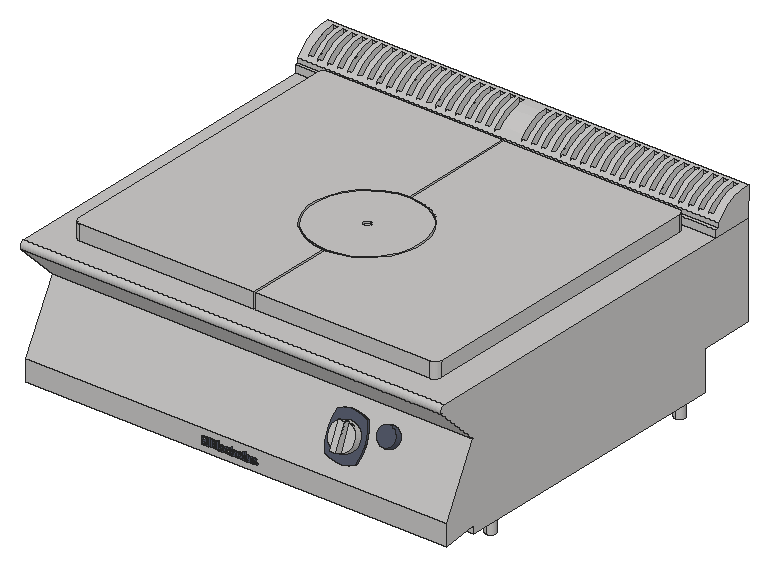
Revit family "QF_ELECTROLUXPROFESSIONAL_371007_E7STGH1000", category Specialty Equipment, Revit 2018
Family settings
  Round Connector Dimension = Use Diameter
  Part Type = Normal
  Work Plane-Based = No
  Always vertical = Yes
  Cut with Voids When Loaded = No
  Shared = No
  Room Calculation Point = No
Parameters
  Width = 800 mm  # constant formula
  Weight in Pounds = 143  # constant formula
  Watts = 0 W
  URL Cutsheet = "www.electrolux.com"
  URL = "www.electrolux.com"
  Type Mark [instance] = ""
  Status [instance] = ""
  Specification by User [instance] = ""
  Specification by Manufacturer = ""
  Show Logo [instance] = yes
  Show Clearance [instance] = yes
  Serial Number = ""
  Seismic Rating = ""
  SMACNA No = ""
  Revision Code [instance] = ""
  Omniclass Number and Title = ""
  NAFEM Spec ID Number = ""
  Model = "371007"
  Mechanical Remarks [instance] = ""
  Mechanical Connection Type [instance] = ""
  Masterspec = ""
  Manufacturer = "ELECTROLUX"
  Item Number [instance] = ""
  Installed By [instance] = ""
  Identify Quantity as Lot [instance] = yes
  Height = 250.8 mm  # constant formula
  HP = "0 HP"
  Gas Size = 12.7 mm  # 1/2"
  Gas RI Height [instance] = 0 mm
  Gas KW [instance] = 7  # constant formula
  Gas Input [instance] = 6993.55 VA  # 23863.0 Btu/h
  Gas Connection Height = 0 mm
  Furnished By [instance] = ""
  Foodservice Equipment Identifier [instance] = yes
  Direct Waste Size = 0"
  Description = "700XP Gas Solid Top"
  Depth = 730 mm  # constant formula
  CSI MasterFormat = ""
  CSI Master Format = ""
  Assembly Code = ""
Reference planes
  plane 1 "BACK": y = 0
  plane 2: z = 0
  plane 3 "LEFT": x = 0
  plane 4 "RIGHT": x = 800
  plane 5 "FRONT": y = -730
  plane 6 "TOP": z = 303.188
  plane 7 "Center Y": x = 400
  plane 8 "Center X": y = -365
  plane 9 "Base Height": z = 23.813
  plane 10: z = 274.613
  plane 11: z = 331.787
Forms (mm)
  Extrusion 1, solid, material "QF_Finishes_Stainless Steel"
    sketch origin (0, 0, 0) x (0, 1, 0) y (0, 0, 1)
      loop
        line (0, 98.425) -> (0, 274.612) -> (-721.5, 274.612)
        arc (-721.5, 274.612) -> (-729.472, 269.285) -> (-727.602, 259.881) r 8.63
        line (-727.602, 259.881) -> (-654.039, 186.318) -> (-715.962, 68.584) -> (-715.962, 30.162) -> (-655.839, 38.612)
        arc (-655.839, 38.612) -> (-653.314, 37.864) -> (-652.222, 35.468) r 3.175
        line (-652.222, 35.468) -> (-652.222, 23.813) -> (-103.188, 23.813) -> (-103.188, 98.425) -> (0, 98.425)
    from 0 to 800
  Extrusion 2, solid, material "QF_Finishes_Stainless Steel"
    sketch origin (0, 0, 0) x (0, 1, 0) y (0, 0, 1)
      loop
        line (0, 274.612) -> (0, 288.9) -> (-76.2, 288.9) -> (-76.2, 274.612) -> (0, 274.612)
    from 0 to 800
  Extrusion 3, solid, material "QF_Finishes_Stainless Steel"
    sketch origin (0, 0, 0) x (1, 0, 0) y (0, 1, 0)
      loop
        circle (11.112, -149.225) r 9.525
      loop
        circle (788.888, -149.225) r 9.525
      loop
        circle (11.112, -598.488) r 9.525
      loop
        circle (788.888, -598.488) r 9.525
    from 0 to 23.812
  Extrusion 4, solid, material "QF_Finishes_Stainless Steel"
    sketch origin (0, -103.188, 23.813) x (0, 0, 1) y (1, 0, 0)
      loop
        circle (36.513, 400) r 6.35
    from 0 to 26.988
  Extrusion 5, solid, material "QF_Finishes_Stainless Steel"
    sketch origin (0, 0, 274.612) x (0, -1, 0) y (1, 0, 0)
      loop
        arc (82.3, 67.7) -> (86.02, 58.72) -> (95, 55) r 12.7
        line (95, 55) -> (659.6, 55)
        arc (659.6, 55) -> (668.58, 58.72) -> (672.3, 67.7) r 12.7
        line (672.3, 67.7) -> (672.3, 398.413) -> (508.181, 398.413)
        arc (508.181, 398.413) -> (404.918, 297.117) -> (301.811, 398.571) r 103.201
        line (301.811, 398.571) -> (82.3, 398.571) -> (82.3, 67.7)
      loop
        arc (672.3, 732.3) -> (668.58, 741.28) -> (659.6, 745) r 12.7
        line (659.6, 745) -> (95, 745)
        arc (95, 745) -> (86.02, 741.28) -> (82.3, 732.3) r 12.7
        line (82.3, 732.3) -> (82.3, 401.528) -> (301.813, 401.528)
        arc (301.813, 401.528) -> (405.121, 503.083) -> (508.194, 401.289) r 103.202
        line (508.194, 401.289) -> (672.3, 401.289) -> (672.3, 732.3)
      loop
        circle (405, 400) r 100
      loop
        circle (405, 400) r 7
    from 0 to 28.575
  Extrusion 6, solid, material "QF_Finishes_Stainless Steel"
    sketch origin (0, 0, 274.612) x (0, -1, 0) y (1, 0, 0)
      loop
        circle (405, 400) r 7
    from 0 to 26.981
  Extrusion 7, void
    sketch origin (34.989, 0, 288.925) x (-1, 0, 0) y (0, -1, 0)
      loop
        line (-335.017, 6.761) -> (-335.017, 63.911) -> (-344.313, 63.911) -> (-344.313, 6.761) -> (-335.017, 6.761)
      loop
        line (-316.325, 6.761) -> (-316.325, 63.911) -> (-325.62, 63.911) -> (-325.62, 6.761) -> (-316.325, 6.761)
      loop
        line (-297.632, 6.761) -> (-297.632, 63.911) -> (-306.928, 63.911) -> (-306.928, 6.761) -> (-297.632, 6.761)
      loop
        line (-278.94, 6.761) -> (-278.94, 63.911) -> (-288.235, 63.911) -> (-288.235, 6.761) -> (-278.94, 6.761)
      loop
        line (-260.247, 6.761) -> (-260.247, 63.911) -> (-269.543, 63.911) -> (-269.543, 6.761) -> (-260.247, 6.761)
      loop
        line (-241.554, 6.761) -> (-241.554, 63.911) -> (-250.85, 63.911) -> (-250.85, 6.761) -> (-241.554, 6.761)
      loop
        line (-222.862, 6.761) -> (-222.862, 63.911) -> (-232.157, 63.911) -> (-232.157, 6.761) -> (-222.862, 6.761)
      loop
        line (-204.169, 6.761) -> (-204.169, 63.911) -> (-213.465, 63.911) -> (-213.465, 6.761) -> (-204.169, 6.761)
      loop
        line (-185.476, 6.761) -> (-185.476, 63.911) -> (-194.772, 63.911) -> (-194.772, 6.761) -> (-185.476, 6.761)
      loop
        line (-166.784, 6.761) -> (-166.784, 63.911) -> (-176.08, 63.911) -> (-176.08, 6.761) -> (-166.784, 6.761)
      loop
        line (-148.091, 6.761) -> (-148.091, 63.911) -> (-157.387, 63.911) -> (-157.387, 6.761) -> (-148.091, 6.761)
      loop
        line (-129.399, 6.761) -> (-129.399, 63.911) -> (-138.694, 63.911) -> (-138.694, 6.761) -> (-129.399, 6.761)
      loop
        line (-110.706, 6.761) -> (-110.706, 63.911) -> (-120.002, 63.911) -> (-120.002, 6.761) -> (-110.706, 6.761)
      loop
        line (-92.013, 6.761) -> (-92.013, 63.911) -> (-101.309, 63.911) -> (-101.309, 6.761) -> (-92.013, 6.761)
      loop
        line (-73.321, 6.761) -> (-73.321, 63.911) -> (-82.617, 63.911) -> (-82.617, 6.761) -> (-73.321, 6.761)
      loop
        line (-54.628, 6.761) -> (-54.628, 63.911) -> (-63.924, 63.911) -> (-63.924, 6.761) -> (-54.628, 6.761)
      loop
        line (-35.936, 6.761) -> (-35.936, 63.911) -> (-45.231, 63.911) -> (-45.231, 6.761) -> (-35.936, 6.761)
      loop
        line (-17.243, 6.761) -> (-17.243, 63.911) -> (-26.539, 63.911) -> (-26.539, 6.761) -> (-17.243, 6.761)
      loop
        line (1.45, 6.761) -> (1.45, 63.911) -> (-7.846, 63.911) -> (-7.846, 6.761) -> (1.45, 6.761)
      loop
        line (20.142, 6.761) -> (20.142, 63.911) -> (10.846, 63.911) -> (10.846, 6.761) -> (20.142, 6.761)
      loop
        line (-395.005, 6.761) -> (-385.709, 6.761) -> (-385.709, 63.911) -> (-395.005, 63.911) -> (-395.005, 6.761)
      loop
        line (-413.697, 6.761) -> (-404.401, 6.761) -> (-404.401, 63.911) -> (-413.697, 63.911) -> (-413.697, 6.761)
      loop
        line (-432.39, 6.761) -> (-423.094, 6.761) -> (-423.094, 63.911) -> (-432.39, 63.911) -> (-432.39, 6.761)
      loop
        line (-451.082, 6.761) -> (-441.787, 6.761) -> (-441.787, 63.911) -> (-451.082, 63.911) -> (-451.082, 6.761)
      loop
        line (-469.775, 6.761) -> (-460.479, 6.761) -> (-460.479, 63.911) -> (-469.775, 63.911) -> (-469.775, 6.761)
      loop
        line (-488.468, 6.761) -> (-479.172, 6.761) -> (-479.172, 63.911) -> (-488.468, 63.911) -> (-488.468, 6.761)
      loop
        line (-507.16, 6.761) -> (-497.864, 6.761) -> (-497.864, 63.911) -> (-507.16, 63.911) -> (-507.16, 6.761)
      loop
        line (-525.853, 6.761) -> (-516.557, 6.761) -> (-516.557, 63.911) -> (-525.853, 63.911) -> (-525.853, 6.761)
      loop
        line (-544.545, 6.761) -> (-535.25, 6.761) -> (-535.25, 63.911) -> (-544.545, 63.911) -> (-544.545, 6.761)
      loop
        line (-563.238, 6.761) -> (-553.942, 6.761) -> (-553.942, 63.911) -> (-563.238, 63.911) -> (-563.238, 6.761)
      loop
        line (-581.931, 6.761) -> (-572.635, 6.761) -> (-572.635, 63.911) -> (-581.931, 63.911) -> (-581.931, 6.761)
      loop
        line (-600.623, 6.761) -> (-591.328, 6.761) -> (-591.328, 63.911) -> (-600.623, 63.911) -> (-600.623, 6.761)
      loop
        line (-619.316, 6.761) -> (-610.02, 6.761) -> (-610.02, 63.911) -> (-619.316, 63.911) -> (-619.316, 6.761)
      loop
        line (-638.008, 6.761) -> (-628.713, 6.761) -> (-628.713, 63.911) -> (-638.008, 63.911) -> (-638.008, 6.761)
      loop
        line (-656.701, 6.761) -> (-647.405, 6.761) -> (-647.405, 63.911) -> (-656.701, 63.911) -> (-656.701, 6.761)
      loop
        line (-675.394, 6.761) -> (-666.098, 6.761) -> (-666.098, 63.911) -> (-675.394, 63.911) -> (-675.394, 6.761)
      loop
        line (-694.086, 6.761) -> (-684.791, 6.761) -> (-684.791, 63.911) -> (-694.086, 63.911) -> (-694.086, 6.761)
      loop
        line (-712.779, 6.761) -> (-703.483, 6.761) -> (-703.483, 63.911) -> (-712.779, 63.911) -> (-712.779, 6.761)
      loop
        line (-731.472, 6.761) -> (-722.176, 6.761) -> (-722.176, 63.911) -> (-731.472, 63.911) -> (-731.472, 6.761)
      loop
        line (-750.164, 6.761) -> (-740.868, 6.761) -> (-740.868, 63.911) -> (-750.164, 63.911) -> (-750.164, 6.761)
    from 9.525 to 45.348
  Extrusion 8, solid, material "QF_Finishes_Stainless Steel"
    sketch origin (0, 0, 14.288) x (0, 1, 0) y (0, 0, 1)
      loop
        line (0, 274.613) -> (0, 317.5)
        arc (0, 317.5) -> (-38.885, 309.109) -> (-69.85, 284.137) r 86.116
        line (-69.85, 284.137) -> (-69.85, 274.613) -> (0, 274.613)
    from 0 to 800
  Extrusion 9, solid, material "QF_Finishes_Navy Blue", visible <- "Show Logo"
    sketch origin (47.249, -715.962, 35.665) x (0, 0, 1) y (-1, 0, 0)
      loop
        line (20.674, -296.698) -> (8.307, -296.698)
        arc (8.307, -296.698) -> (14.491, -301.27) -> (20.674, -296.698) r 6.467
      loop
        arc (20.674, -296.069) -> (19.505, -290.926) -> (14.849, -288.448) r 6.338
        line (14.849, -288.448) -> (14.849, -290.494)
        arc (14.849, -290.494) -> (16.333, -294.149) -> (19.778, -296.069) r 5.941
        line (19.778, -296.069) -> (20.674, -296.069)
      loop
        arc (9.203, -296.069) -> (12.648, -294.149) -> (14.132, -290.494) r 5.941
        line (14.132, -290.494) -> (14.132, -288.448)
        arc (14.132, -288.448) -> (9.438, -290.922) -> (8.148, -296.069) r 6.504
        line (8.148, -296.069) -> (9.203, -296.069)
      loop
        line (21.349, -287.979) -> (7.604, -287.979) -> (7.604, -301.742) -> (21.349, -301.742) -> (21.349, -287.979)
      loop
        arc (21.432, -304.71) -> (21.085, -304.352) -> (20.718, -304.69) r 0.358
        arc (20.718, -304.69) -> (20.404, -305.44) -> (19.687, -305.825) r 1.216
        line (19.687, -305.825) -> (9.274, -305.825)
        arc (9.274, -305.825) -> (8.614, -305.548) -> (8.218, -304.951) r 1.238
        arc (8.218, -304.951) -> (7.823, -304.7) -> (7.518, -305.054) r 0.358
        line (7.518, -305.054) -> (7.518, -314.933) -> (10.269, -314.933) -> (10.269, -314.036)
        arc (10.269, -314.036) -> (9.36, -313.456) -> (8.904, -312.479) r 1.928
        line (8.904, -312.479) -> (8.904, -309.98)
        arc (8.904, -309.98) -> (9.18, -309.251) -> (9.868, -308.887) r 1.101
        line (9.868, -308.887) -> (13.955, -308.887) -> (13.955, -312.561)
        arc (13.955, -312.561) -> (13.602, -313.058) -> (13.037, -313.286) r 1.083
        arc (13.037, -313.286) -> (12.773, -313.591) -> (13.065, -313.869) r 0.292
        line (13.065, -313.869) -> (16.028, -313.869)
        arc (16.028, -313.869) -> (16.33, -313.596) -> (16.092, -313.266) r 0.305
        arc (16.092, -313.266) -> (15.601, -313.018) -> (15.296, -312.561) r 1.083
        line (15.296, -312.561) -> (15.296, -308.887) -> (19.973, -308.887) -> (19.973, -312.635)
        arc (19.973, -312.635) -> (19.759, -313.39) -> (19.153, -313.888) r 1.314
        arc (19.153, -313.888) -> (18.934, -314.292) -> (19.288, -314.585) r 0.361
        line (19.288, -314.585) -> (21.432, -314.585) -> (21.432, -304.71)
      loop
        arc (20.715, -315.365) -> (20.335, -316.284) -> (19.416, -316.664) r 1.299
        line (19.416, -316.664) -> (9.837, -316.664)
        arc (9.837, -316.664) -> (8.999, -316.286) -> (8.728, -315.408) r 1.118
        line (8.728, -315.408) -> (7.518, -315.408) -> (7.518, -320.758) -> (8.706, -320.758)
        arc (8.706, -320.758) -> (8.978, -319.841) -> (9.848, -319.445) r 1.153
        line (9.848, -319.445) -> (21.92, -319.445) -> (20.715, -315.365)
      loop
        line (12.483, -323.394) -> (12.483, -329.842) -> (13.282, -329.842)
        arc (13.282, -329.842) -> (15.862, -328.857) -> (17.131, -326.404) r 3.874
        line (17.131, -326.404) -> (17.131, -324.643)
        arc (17.131, -324.643) -> (15.944, -321.778) -> (13.08, -320.592) r 4.051
        line (13.08, -320.592) -> (11.072, -320.592)
        arc (11.072, -320.592) -> (8.253, -322.077) -> (7.202, -325.084) r 4.352
        arc (7.202, -325.084) -> (7.566, -327.547) -> (8.943, -329.621) r 5.713
        line (8.943, -329.621) -> (9.892, -329.621)
        arc (9.892, -329.621) -> (9.16, -328.052) -> (8.943, -326.334) r 5.579
        arc (8.943, -326.334) -> (9.737, -324.371) -> (11.616, -323.394) r 3.057
        line (11.616, -323.394) -> (12.483, -323.394)
      loop
        line (13.742, -323.394) -> (13.742, -326.977)
        arc (13.742, -326.977) -> (15.199, -327.024) -> (16.082, -325.864) r 1.59
        line (16.082, -325.864) -> (16.082, -325.034)
        arc (16.082, -325.034) -> (15.217, -323.779) -> (13.742, -323.394) r 2.184
      loop
        arc (16.533, -339.259) -> (17.022, -337.585) -> (17.179, -335.848) r 9.023
        line (17.179, -335.848) -> (17.179, -334.486)
        arc (17.179, -334.486) -> (16.02, -331.686) -> (13.22, -330.527) r 3.959
        line (13.22, -330.527) -> (10.62, -330.527)
        arc (10.62, -330.527) -> (8.338, -331.819) -> (7.221, -334.192) r 4.331
        line (7.221, -334.192) -> (7.221, -336.327)
        arc (7.221, -336.327) -> (7.729, -337.877) -> (8.651, -339.223) r 5.772
        arc (8.651, -339.223) -> (9.412, -339.274) -> (9.499, -338.515) r 0.553
        arc (9.499, -338.515) -> (9.111, -337.781) -> (8.977, -336.962) r 2.573
        line (8.977, -336.962) -> (8.977, -335.447)
        arc (8.977, -335.447) -> (9.983, -333.806) -> (11.798, -333.163) r 2.884
        line (11.798, -333.163) -> (13.077, -333.163)
        arc (13.077, -333.163) -> (14.898, -333.723) -> (15.824, -335.388) r 2.554
        line (15.824, -335.388) -> (15.824, -336.441)
        arc (15.824, -336.441) -> (15.493, -337.369) -> (14.836, -338.104) r 2.564
        arc (14.836, -338.104) -> (14.614, -338.821) -> (15.223, -339.259) r 0.643
        line (15.223, -339.259) -> (16.533, -339.259)
      loop
        line (15.515, -339.53) -> (15.515, -341.031) -> (9.467, -341.031)
        arc (9.467, -341.031) -> (7.879, -341.688) -> (7.221, -343.276) r 2.246
        line (7.221, -343.276) -> (7.221, -344.86)
        arc (7.221, -344.86) -> (7.535, -345.725) -> (8.035, -346.496) r 4.06
        arc (8.035, -346.496) -> (8.768, -346.629) -> (9.019, -345.928) r 0.576
        arc (9.019, -345.928) -> (8.913, -345.403) -> (8.977, -344.87) r 1.69
        arc (8.977, -344.87) -> (9.519, -344.082) -> (10.425, -343.779) r 1.506
        line (10.425, -343.779) -> (15.563, -343.779) -> (15.563, -346.176) -> (16.119, -346.733) -> (16.941, -346.733) -> (16.941, -343.873) -> (20.172, -343.873) -> (15.515, -339.53)
      loop
        line (7.438, -347.63) -> (7.438, -353.017) -> (8.548, -353.017)
        arc (8.548, -353.017) -> (8.942, -352.066) -> (9.893, -351.672) r 1.345
        line (9.893, -351.672) -> (13.509, -351.672)
        arc (13.509, -351.672) -> (14.274, -352.264) -> (14.564, -353.186) r 1.615
        line (14.564, -353.186) -> (14.564, -354.742) -> (17.119, -355.427) -> (17.119, -354.044) -> (15.177, -351.485) -> (17.057, -351.485) -> (16.773, -348.779)
        arc (16.773, -348.779) -> (16.333, -348.249) -> (15.674, -348.45) r 0.621
        arc (15.674, -348.45) -> (15.274, -348.792) -> (14.78, -348.975) r 1.501
        line (14.78, -348.975) -> (9.893, -348.975)
        arc (9.893, -348.975) -> (8.942, -348.581) -> (8.548, -347.63) r 1.345
        line (8.548, -347.63) -> (7.438, -347.63)
      loop
        line (13.54, -354.964) -> (10.848, -354.964)
        arc (10.848, -354.964) -> (8.403, -356.272) -> (7.269, -358.803) r 4.288
        arc (7.269, -358.803) -> (7.205, -360.183) -> (7.269, -361.563) r 15.022
        arc (7.269, -361.563) -> (8.403, -364.094) -> (10.848, -365.401) r 4.288
        line (10.848, -365.401) -> (13.54, -365.401)
        arc (13.54, -365.401) -> (15.986, -364.094) -> (17.119, -361.563) r 4.288
        arc (17.119, -361.563) -> (17.183, -360.183) -> (17.119, -358.803) r 15.022
        arc (17.119, -358.803) -> (15.986, -356.272) -> (13.54, -354.964) r 4.288
      loop
        line (13.745, -358.078) -> (10.643, -358.078)
        arc (10.643, -358.078) -> (8.486, -360.235) -> (10.643, -362.392) r 2.157
        line (10.643, -362.392) -> (13.745, -362.392)
        arc (13.745, -362.392) -> (15.902, -360.235) -> (13.745, -358.078) r 2.157
      loop
        arc (20.726, -365.26) -> (20.355, -366.154) -> (19.461, -366.524) r 1.264
        line (19.461, -366.524) -> (9.597, -366.524)
        arc (9.597, -366.524) -> (8.727, -366.127) -> (8.455, -365.211) r 1.153
        line (8.455, -365.211) -> (7.518, -365.211) -> (7.518, -370.319) -> (8.446, -370.319)
        arc (8.446, -370.319) -> (8.805, -369.547) -> (9.597, -369.232) r 1.153
        line (9.597, -369.232) -> (21.92, -369.232) -> (20.726, -365.26)
      loop
        arc (15.846, -369.857) -> (15.647, -370.921) -> (14.678, -371.403) r 1.215
        line (14.678, -371.403) -> (9.658, -371.403)
        arc (9.658, -371.403) -> (8.043, -372.051) -> (7.322, -373.634) r 2.338
        line (7.322, -373.634) -> (7.322, -375.148)
        arc (7.322, -375.148) -> (7.497, -376.152) -> (7.999, -377.038) r 2.979
        line (7.999, -377.038) -> (7.518, -378.835) -> (7.518, -380.524) -> (16.943, -380.524) -> (16.649, -376.32) -> (15.863, -376.32)
        arc (15.863, -376.32) -> (15.507, -377.156) -> (14.755, -377.665) r 1.605
        line (14.755, -377.665) -> (9.652, -377.665)
        arc (9.652, -377.665) -> (9.232, -376.728) -> (9.159, -375.704) r 2.94
        arc (9.159, -375.704) -> (9.72, -374.603) -> (10.873, -374.16) r 1.724
        line (10.873, -374.16) -> (17.07, -374.16) -> (15.846, -369.857)
      loop
        line (16.874, -381.377) -> (15.202, -383.423) -> (12.028, -385.729) -> (8.572, -382.617)
        arc (8.572, -382.617) -> (8.335, -382.223) -> (8.357, -381.764) r 0.789
        line (8.357, -381.764) -> (7.518, -381.764) -> (7.518, -385.309) -> (8.344, -385.309)
        arc (8.344, -385.309) -> (8.686, -384.947) -> (9.176, -385.039) r 0.52
        line (9.176, -385.039) -> (10.976, -386.51) -> (8.858, -387.886)
        arc (8.858, -387.886) -> (8.457, -387.576) -> (8.37, -387.076) r 0.7
        line (8.37, -387.076) -> (7.518, -387.076) -> (7.518, -393.003) -> (8.405, -393.003)
        arc (8.405, -393.003) -> (8.472, -392.344) -> (8.866, -391.813) r 1.247
        line (8.866, -391.813) -> (13.066, -388.532) -> (15.513, -390.585) -> (16.874, -392.327) -> (16.874, -388.604) -> (15.389, -389.026) -> (13.868, -387.749) -> (15.568, -386.559) -> (16.874, -387.336) -> (16.874, -381.377)
    from 0 to 1.644
  Extrusion 10, solid, material "QF_Finishes_Navy Blue"
    sketch origin (47.744, -713.772, 69.003) x (0, 0.418102, 0.9084) y (-1, 0, 0)
      loop
        arc (102.623, -510.47) -> (67.041, -502.846) -> (31.333, -509.853) r 90.5
        arc (31.333, -509.853) -> (24.507, -539.04) -> (31.333, -568.228) r 65.817
        arc (31.333, -568.228) -> (67.04, -575.188) -> (102.623, -567.615) r 91.066
        arc (102.623, -567.615) -> (109.179, -539.043) -> (102.623, -510.47) r 65.546
    from 0 to 3.175
  Extrusion 11, solid, material "QF_Finishes_Stainless Steel"
    sketch origin (426.494, -717.485, 68.529) x (0, 0.418102, 0.9084) y (-1, 0, 0)
      loop
        circle (68.826, -160.963) r 25.4
    from 0 to 12.7
  Extrusion 12, solid, material "QF_Finishes_Stainless Steel"
    sketch origin (426.494, -729.022, 73.839) x (0, 0.418102, 0.9084) y (-1, 0, 0)
      loop
        arc (93.558, -166.749) -> (94.226, -160.963) -> (93.558, -155.177) r 25.4
        line (93.558, -155.177) -> (44.094, -155.177)
        arc (44.094, -155.177) -> (43.426, -160.963) -> (44.094, -166.749) r 25.4
        line (44.094, -166.749) -> (93.558, -166.749)
    from 0 to 12.7
  Extrusion 13, solid, material "QF_Finishes_Navy Blue"
    sketch origin (347.014, -703.319, 91.713) x (0, 0.418102, 0.9084) y (-1, 0, 0)
      loop
        circle (65.471, -315.169) r 17.78
    from 0 to 12.7
  Extrusion 14, solid, material "QF_Finishes_Clearance", visible <- "Show Clearance", detail levels coarse
    sketch origin (0, 0, 0) x (1, 0, 0) y (0, 1, 0)
      loop
        line (0, -730) -> (0, 0) -> (800, 0) -> (800, -730) -> (950, -730) -> (950, 150) -> (-150, 150) -> (-150, -730) -> (0, -730)
    from 0 to 331.787
Cuts and joins
  Extrusion 7 cuts Extrusion 1
  Extrusion 7 cuts Extrusion 8
  joined: Extrusion 2, Extrusion 8
Lines and regions (mm)
  symbolic lines
    curve 1: line (0, -730.129, 0) -> (800, -730.129, 0)
    curve 2: line (0, 0, 0) -> (0, -730.129, 0)
    curve 3: line (800, 0, 0) -> (0, 0, 0)
    curve 4: line (800, -730.129, 0) -> (800, 0, 0)
    curve 5: arc (732.3, -672.3, 0) -> (741.28, -668.58, 0) -> (745, -659.6, 0) r 12.7
    curve 6: line (745, -659.6, 0) -> (745, -95, 0)
    curve 7: arc (745, -95, 0) -> (741.28, -86.02, 0) -> (732.3, -82.3, 0) r 12.7
    curve 8: line (732.3, -82.3, 0) -> (401.528, -82.3, 0)
    curve 9: line (401.528, -82.3, 0) -> (401.528, -301.813, 0)
    curve 10: arc (401.528, -301.813, 0) -> (503.083, -405.121, 0) -> (401.289, -508.194, 0) r 103.202
    curve 11: line (401.289, -508.194, 0) -> (401.289, -672.3, 0)
    curve 12: line (401.289, -672.3, 0) -> (732.3, -672.3, 0)
    curve 13: arc (400, -505, 0) -> (500, -405, 0) -> (400, -305, 0) r 100
    curve 14: arc (400, -305, 0) -> (300, -405, 0) -> (400, -505, 0) r 100
    curve 15: arc (398.413, -508.181, 0) -> (297.117, -404.918, 0) -> (398.571, -301.811, 0) r 103.201
    curve 16: line (398.571, -301.811, 0) -> (398.571, -82.3, 0)
    curve 17: line (398.571, -82.3, 0) -> (67.7, -82.3, 0)
    curve 18: arc (67.7, -82.3, 0) -> (58.72, -86.02, 0) -> (55, -95, 0) r 12.7
    curve 19: line (55, -95, 0) -> (55, -659.6, 0)
    curve 20: arc (55, -659.6, 0) -> (58.72, -668.58, 0) -> (67.7, -672.3, 0) r 12.7
    curve 21: line (67.7, -672.3, 0) -> (398.413, -672.3, 0)
    curve 22: line (398.413, -672.3, 0) -> (398.413, -508.181, 0)
    curve 23: arc (400, -398, 0) -> (407, -405, 0) -> (400, -412, 0) r 7
    curve 24: arc (400, -412, 0) -> (393, -405, 0) -> (400, -398, 0) r 7
    curve 25: line (0, -76.2, 0) -> (800, -76.2, 0)
    curve 26: line (0, -69.85, 0) -> (800, -69.85, 0)
    curve 27: line (14.847, -63.911, 0) -> (14.847, -6.761, 0)
    curve 28: line (14.847, -6.761, 0) -> (24.143, -6.761, 0)
    curve 29: line (24.143, -6.761, 0) -> (24.143, -63.911, 0)
    curve 30: line (24.143, -63.911, 0) -> (14.847, -63.911, 0)
    curve 31: line (33.539, -63.911, 0) -> (33.539, -6.761, 0)
    curve 32: line (33.539, -6.761, 0) -> (42.835, -6.761, 0)
    curve 33: line (42.835, -6.761, 0) -> (42.835, -63.911, 0)
    curve 34: line (42.835, -63.911, 0) -> (33.539, -63.911, 0)
    curve 35: line (52.232, -63.911, 0) -> (52.232, -6.761, 0)
    curve 36: line (52.232, -6.761, 0) -> (61.528, -6.761, 0)
    curve 37: line (61.528, -6.761, 0) -> (61.528, -63.911, 0)
    curve 38: line (61.528, -63.911, 0) -> (52.232, -63.911, 0)
    curve 39: line (70.925, -63.911, 0) -> (70.925, -6.761, 0)
    curve 40: line (70.925, -6.761, 0) -> (80.22, -6.761, 0)
    curve 41: line (80.22, -6.761, 0) -> (80.22, -63.911, 0)
    curve 42: line (80.22, -63.911, 0) -> (70.925, -63.911, 0)
    curve 43: line (89.617, -63.911, 0) -> (89.617, -6.761, 0)
    curve 44: line (89.617, -6.761, 0) -> (98.913, -6.761, 0)
    curve 45: line (98.913, -6.761, 0) -> (98.913, -63.911, 0)
    curve 46: line (98.913, -63.911, 0) -> (89.617, -63.911, 0)
    curve 47: line (108.31, -63.911, 0) -> (108.31, -6.761, 0)
    curve 48: line (108.31, -6.761, 0) -> (117.606, -6.761, 0)
    curve 49: line (117.606, -6.761, 0) -> (117.606, -63.911, 0)
    curve 50: line (117.606, -63.911, 0) -> (108.31, -63.911, 0)
    curve 51: line (127.002, -63.911, 0) -> (127.002, -6.761, 0)
    curve 52: line (127.002, -6.761, 0) -> (136.298, -6.761, 0)
    curve 53: line (136.298, -6.761, 0) -> (136.298, -63.911, 0)
    curve 54: line (136.298, -63.911, 0) -> (127.002, -63.911, 0)
    curve 55: line (145.695, -63.911, 0) -> (145.695, -6.761, 0)
    curve 56: line (145.695, -6.761, 0) -> (154.991, -6.761, 0)
    curve 57: line (154.991, -6.761, 0) -> (154.991, -63.911, 0)
    curve 58: line (154.991, -63.911, 0) -> (145.695, -63.911, 0)
    curve 59: line (164.388, -63.911, 0) -> (164.388, -6.761, 0)
    curve 60: line (164.388, -6.761, 0) -> (173.683, -6.761, 0)
    curve 61: line (173.683, -6.761, 0) -> (173.683, -63.911, 0)
    curve 62: line (173.683, -63.911, 0) -> (164.388, -63.911, 0)
    curve 63: line (183.08, -63.911, 0) -> (183.08, -6.761, 0)
    curve 64: line (183.08, -6.761, 0) -> (192.376, -6.761, 0)
    curve 65: line (192.376, -6.761, 0) -> (192.376, -63.911, 0)
    curve 66: line (192.376, -63.911, 0) -> (183.08, -63.911, 0)
    curve 67: line (201.773, -63.911, 0) -> (201.773, -6.761, 0)
    curve 68: line (201.773, -6.761, 0) -> (211.069, -6.761, 0)
    curve 69: line (211.069, -6.761, 0) -> (211.069, -63.911, 0)
    curve 70: line (211.069, -63.911, 0) -> (201.773, -63.911, 0)
    curve 71: line (220.466, -63.911, 0) -> (220.466, -6.761, 0)
    curve 72: line (220.466, -6.761, 0) -> (229.761, -6.761, 0)
    curve 73: line (229.761, -6.761, 0) -> (229.761, -63.911, 0)
    curve 74: line (229.761, -63.911, 0) -> (220.466, -63.911, 0)
    curve 75: line (239.158, -63.911, 0) -> (239.158, -6.761, 0)
    curve 76: line (239.158, -6.761, 0) -> (248.454, -6.761, 0)
    curve 77: line (248.454, -6.761, 0) -> (248.454, -63.911, 0)
    curve 78: line (248.454, -63.911, 0) -> (239.158, -63.911, 0)
    curve 79: line (420.698, -63.911, 0) -> (420.698, -6.761, 0)
    curve 80: line (420.698, -6.761, 0) -> (429.994, -6.761, 0)
    curve 81: line (429.994, -6.761, 0) -> (429.994, -63.911, 0)
    curve 82: line (429.994, -63.911, 0) -> (420.698, -63.911, 0)
    curve 83: line (370.006, -63.911, 0) -> (370.006, -6.761, 0)
    curve 84: line (370.006, -6.761, 0) -> (379.302, -6.761, 0)
    curve 85: line (379.302, -6.761, 0) -> (379.302, -63.911, 0)
    curve 86: line (379.302, -63.911, 0) -> (370.006, -63.911, 0)
    curve 87: line (351.314, -63.911, 0) -> (351.314, -6.761, 0)
    curve 88: line (351.314, -6.761, 0) -> (360.61, -6.761, 0)
    curve 89: line (360.61, -6.761, 0) -> (360.61, -63.911, 0)
    curve 90: line (360.61, -63.911, 0) -> (351.314, -63.911, 0)
    curve 91: line (332.621, -63.911, 0) -> (332.621, -6.761, 0)
    curve 92: line (332.621, -6.761, 0) -> (341.917, -6.761, 0)
    curve 93: line (341.917, -6.761, 0) -> (341.917, -63.911, 0)
    curve 94: line (341.917, -63.911, 0) -> (332.621, -63.911, 0)
    curve 95: line (313.929, -63.911, 0) -> (313.929, -6.761, 0)
    curve 96: line (313.929, -6.761, 0) -> (323.224, -6.761, 0)
    curve 97: line (323.224, -6.761, 0) -> (323.224, -63.911, 0)
    curve 98: line (323.224, -63.911, 0) -> (313.929, -63.911, 0)
    curve 99: line (295.236, -63.911, 0) -> (295.236, -6.761, 0)
    curve 100: line (295.236, -6.761, 0) -> (304.532, -6.761, 0)
    curve 101: line (304.532, -6.761, 0) -> (304.532, -63.911, 0)
    curve 102: line (304.532, -63.911, 0) -> (295.236, -63.911, 0)
    curve 103: line (276.543, -63.911, 0) -> (276.543, -6.761, 0)
    curve 104: line (276.543, -6.761, 0) -> (285.839, -6.761, 0)
    curve 105: line (285.839, -6.761, 0) -> (285.839, -63.911, 0)
    curve 106: line (285.839, -63.911, 0) -> (276.543, -63.911, 0)
    curve 107: line (257.851, -63.911, 0) -> (257.851, -6.761, 0)
    curve 108: line (257.851, -6.761, 0) -> (267.146, -6.761, 0)
    curve 109: line (267.146, -6.761, 0) -> (267.146, -63.911, 0)
    curve 110: line (267.146, -63.911, 0) -> (257.851, -63.911, 0)
    curve 111: line (439.39, -63.911, 0) -> (439.39, -6.761, 0)
    curve 112: line (439.39, -6.761, 0) -> (448.686, -6.761, 0)
    curve 113: line (448.686, -6.761, 0) -> (448.686, -63.911, 0)
    curve 114: line (448.686, -63.911, 0) -> (439.39, -63.911, 0)
    curve 115: line (458.083, -63.911, 0) -> (458.083, -6.761, 0)
    curve 116: line (458.083, -6.761, 0) -> (467.379, -6.761, 0)
    curve 117: line (467.379, -6.761, 0) -> (467.379, -63.911, 0)
    curve 118: line (467.379, -63.911, 0) -> (458.083, -63.911, 0)
    curve 119: line (476.776, -63.911, 0) -> (476.776, -6.761, 0)
    curve 120: line (476.776, -6.761, 0) -> (486.071, -6.761, 0)
    curve 121: line (486.071, -6.761, 0) -> (486.071, -63.911, 0)
    curve 122: line (486.071, -63.911, 0) -> (476.776, -63.911, 0)
    curve 123: line (495.468, -63.911, 0) -> (495.468, -6.761, 0)
    curve 124: line (495.468, -6.761, 0) -> (504.764, -6.761, 0)
    curve 125: line (504.764, -6.761, 0) -> (504.764, -63.911, 0)
    curve 126: line (504.764, -63.911, 0) -> (495.468, -63.911, 0)
    curve 127: line (514.161, -63.911, 0) -> (514.161, -6.761, 0)
    curve 128: line (514.161, -6.761, 0) -> (523.457, -6.761, 0)
    curve 129: line (523.457, -6.761, 0) -> (523.457, -63.911, 0)
    curve 130: line (523.457, -63.911, 0) -> (514.161, -63.911, 0)
    curve 131: line (532.854, -63.911, 0) -> (532.854, -6.761, 0)
    curve 132: line (532.854, -6.761, 0) -> (542.149, -6.761, 0)
    curve 133: line (542.149, -6.761, 0) -> (542.149, -63.911, 0)
    curve 134: line (542.149, -63.911, 0) -> (532.854, -63.911, 0)
    curve 135: line (551.546, -63.911, 0) -> (551.546, -6.761, 0)
    curve 136: line (551.546, -6.761, 0) -> (560.842, -6.761, 0)
    curve 137: line (560.842, -6.761, 0) -> (560.842, -63.911, 0)
    curve 138: line (560.842, -63.911, 0) -> (551.546, -63.911, 0)
    curve 139: line (570.239, -63.911, 0) -> (570.239, -6.761, 0)
    curve 140: line (570.239, -6.761, 0) -> (579.534, -6.761, 0)
    curve 141: line (579.534, -6.761, 0) -> (579.534, -63.911, 0)
    curve 142: line (579.534, -63.911, 0) -> (570.239, -63.911, 0)
    curve 143: line (588.931, -63.911, 0) -> (588.931, -6.761, 0)
    curve 144: line (588.931, -6.761, 0) -> (598.227, -6.761, 0)
    curve 145: line (598.227, -6.761, 0) -> (598.227, -63.911, 0)
    curve 146: line (598.227, -63.911, 0) -> (588.931, -63.911, 0)
    curve 147: line (607.624, -63.911, 0) -> (607.624, -6.761, 0)
    curve 148: line (607.624, -6.761, 0) -> (616.92, -6.761, 0)
    curve 149: line (616.92, -6.761, 0) -> (616.92, -63.911, 0)
    curve 150: line (616.92, -63.911, 0) -> (607.624, -63.911, 0)
    curve 151: line (626.317, -63.911, 0) -> (626.317, -6.761, 0)
    curve 152: line (626.317, -6.761, 0) -> (635.612, -6.761, 0)
    curve 153: line (635.612, -6.761, 0) -> (635.612, -63.911, 0)
    curve 154: line (635.612, -63.911, 0) -> (626.317, -63.911, 0)
    curve 155: line (645.009, -63.911, 0) -> (645.009, -6.761, 0)
    curve 156: line (645.009, -6.761, 0) -> (654.305, -6.761, 0)
    curve 157: line (654.305, -6.761, 0) -> (654.305, -63.911, 0)
    curve 158: line (654.305, -63.911, 0) -> (645.009, -63.911, 0)
    curve 159: line (663.702, -63.911, 0) -> (663.702, -6.761, 0)
    curve 160: line (663.702, -6.761, 0) -> (672.998, -6.761, 0)
    curve 161: line (672.998, -6.761, 0) -> (672.998, -63.911, 0)
    curve 162: line (672.998, -63.911, 0) -> (663.702, -63.911, 0)
    curve 163: line (682.394, -63.911, 0) -> (682.394, -6.761, 0)
    curve 164: line (682.394, -6.761, 0) -> (691.69, -6.761, 0)
    curve 165: line (691.69, -6.761, 0) -> (691.69, -63.911, 0)
    curve 166: line (691.69, -63.911, 0) -> (682.394, -63.911, 0)
    curve 167: line (701.087, -63.911, 0) -> (701.087, -6.761, 0)
    curve 168: line (701.087, -6.761, 0) -> (710.383, -6.761, 0)
    curve 169: line (710.383, -6.761, 0) -> (710.383, -63.911, 0)
    curve 170: line (710.383, -63.911, 0) -> (701.087, -63.911, 0)
    curve 171: line (719.78, -63.911, 0) -> (719.78, -6.761, 0)
    curve 172: line (719.78, -6.761, 0) -> (729.075, -6.761, 0)
    curve 173: line (729.075, -6.761, 0) -> (729.075, -63.911, 0)
    curve 174: line (729.075, -63.911, 0) -> (719.78, -63.911, 0)
    curve 175: line (738.472, -63.911, 0) -> (738.472, -6.761, 0)
    curve 176: line (738.472, -6.761, 0) -> (747.768, -6.761, 0)
    curve 177: line (747.768, -6.761, 0) -> (747.768, -63.911, 0)
    curve 178: line (747.768, -63.911, 0) -> (738.472, -63.911, 0)
    curve 179: line (757.165, -63.911, 0) -> (757.165, -6.761, 0)
    curve 180: line (757.165, -6.761, 0) -> (766.461, -6.761, 0)
    curve 181: line (766.461, -6.761, 0) -> (766.461, -63.911, 0)
    curve 182: line (766.461, -63.911, 0) -> (757.165, -63.911, 0)
    curve 183: line (775.857, -63.911, 0) -> (775.857, -6.761, 0)
    curve 184: line (775.857, -6.761, 0) -> (785.153, -6.761, 0)
    curve 185: line (785.153, -6.761, 0) -> (785.153, -63.911, 0)
    curve 186: line (785.153, -63.911, 0) -> (775.857, -63.911, 0)
    curve 187: line (0, -715.962, 0) -> (800, -715.963, 0)
  symbolic lines, style "QF-Clearances", visible <- "Show Clearance", detail levels coarse
    curve 188: line (-150, -730, 0) -> (-150, 150, 0)
    curve 189: line (-150, 150, 0) -> (950, 150, 0)
    curve 190: line (950, 150, 0) -> (950, -730, 0)
Dimensions and locks
  equal spacing: plane 3 "LEFT", plane 7 "Center Y", plane 4 "RIGHT"
  "Width": plane 3 "LEFT" to plane 4 "RIGHT"
  equal spacing: plane 5 "FRONT", plane 8 "Center X", plane 1 "BACK"
  "Depth": plane 5 "FRONT" to plane 1 "BACK"
  plane 9 "Base Height" to level = 23.812 mm
  "Height": plane 10 to plane 9 "Base Height"
  plane 6 "TOP" to plane 10 = 28.575 mm
  plane 11 to level = 331.788 mm
  aligned and locked: level to plane 2
Automatic sketch dimensions
  Extrusion 1 sketch curve to plane 10 = 0 mm
  Extrusion 1 sketch curve to plane 9 "Base Height" = 0 mm
  Extrusion 1 sketch curve to plane 1 "BACK" = 0 mm
  Extrusion 1 sketch curve to Extrusion 1 sketch curve = 3.175 mm
  Extrusion 1 sketch curve to Extrusion 1 sketch curve = 0.442 mm
  plane 9 "Base Height" to Extrusion 1 sketch curve = 6.35 mm
  Extrusion 1 sketch curve to plane 5 "FRONT" = 14.038 mm
  Extrusion 1 sketch curve to plane 5 "FRONT" = 8.5 mm
  Extrusion 1 sketch curve to plane 5 "FRONT" = 2.398 mm
  plane 9 "Base Height" to Extrusion 1 sketch curve = 11.656 mm
  Extrusion 1 sketch curve to Extrusion 1 sketch curve = 38.422 mm
  plane 9 "Base Height" to Extrusion 1 sketch curve = 74.612 mm
  Extrusion 1 sketch curve to plane 10 = 88.295 mm
  Extrusion 1 sketch curve to plane 10 = 14.732 mm
  Extrusion 2 sketch curve to plane 10 = 0 mm
  Extrusion 2 sketch curve to plane 1 "BACK" = 0 mm
  Extrusion 2 sketch curve to plane 6 "TOP" = 14.287 mm
  plane 3 "LEFT" to Extrusion 3 sketch curve = 11.112 mm  (x2)
  Extrusion 3 sketch curve to plane 4 "RIGHT" = 11.112 mm  (x2)
  Extrusion 3 sketch curve to Extrusion 3 sketch curve = 9.525 mm  (x4)
  Extrusion 1 to Extrusion 4 sketch curve = 36.513 mm
  Extrusion 1 to Extrusion 4 sketch curve = 400 mm
  Extrusion 6 sketch curve to Extrusion 6 sketch curve = 0 mm  (x2)
  Extrusion 6 sketch curve to Extrusion 1 = 323.5 mm
  Extrusion 6 sketch curve to Extrusion 6 sketch curve = 7 mm
  Extrusion 1 to Extrusion 6 sketch curve = 400 mm
  Extrusion 7 sketch curve to plane 4 "RIGHT" = 14.847 mm
  Extrusion 7 sketch curve to Extrusion 7 sketch curve = 9.296 mm  (x40)
  Extrusion 7 sketch curve to Extrusion 7 sketch curve = 9.397 mm  (x38)
  Extrusion 7 sketch curve to plane 7 "Center Y" = 20.698 mm
  plane 1 "BACK" to Extrusion 7 sketch curve = 6.761 mm  (x40)
  plane 7 "Center Y" to Extrusion 9 sketch curve = 7.432 mm
  plane 9 "Base Height" to Extrusion 9 sketch curve = 14.013 mm
  plane 9 "Base Height" to Extrusion 9 sketch curve = 19.054 mm
  Extrusion 9 sketch curve to plane 7 "Center Y" = 7.891 mm
  Extrusion 9 sketch curve to Extrusion 9 sketch curve = 5.06 mm
  Extrusion 9 sketch curve to Extrusion 9 sketch curve = 0 mm  (x28)
  Extrusion 9 sketch curve to Extrusion 9 sketch curve = 5.108 mm  (x2)
  Extrusion 9 sketch curve to Extrusion 9 sketch curve = 0.054 mm
  Extrusion 9 sketch curve to Extrusion 9 sketch curve = 0.218 mm
  Extrusion 9 sketch curve to Extrusion 9 sketch curve = 0.195 mm
  Extrusion 9 sketch curve to Extrusion 9 sketch curve = 0.249 mm
  plane 9 "Base Height" to Extrusion 9 sketch curve = 19.371 mm
  Extrusion 9 sketch curve to Extrusion 9 sketch curve = 0.087 mm
  Extrusion 9 sketch curve to Extrusion 9 sketch curve = 0.358 mm
  Extrusion 9 sketch curve to Extrusion 9 sketch curve = 0.481 mm
  Extrusion 9 sketch curve to Extrusion 9 sketch curve = 0.597 mm
  Extrusion 9 sketch curve to Extrusion 9 sketch curve = 0.544 mm
  Extrusion 9 sketch curve to Extrusion 9 sketch curve = 0.936 mm
  Extrusion 9 sketch curve to Extrusion 9 sketch curve = 0.594 mm
  Extrusion 9 sketch curve to Extrusion 9 sketch curve = 0.343 mm
  Extrusion 9 sketch curve to Extrusion 9 sketch curve = 0.159 mm
  Extrusion 9 sketch curve to Extrusion 9 sketch curve = 0.826 mm
  Extrusion 9 sketch curve to Extrusion 9 sketch curve = 0.839 mm
  Extrusion 9 sketch curve to Extrusion 9 sketch curve = 0.852 mm
  Extrusion 9 sketch curve to Extrusion 9 sketch curve = 0.887 mm
  Extrusion 9 sketch curve to Extrusion 9 sketch curve = 0.928 mm
  Extrusion 9 sketch curve to Extrusion 9 sketch curve = 0.938 mm
  Extrusion 9 sketch curve to Extrusion 9 sketch curve = 0.444 mm
  Extrusion 9 sketch curve to Extrusion 9 sketch curve = 1.11 mm  (x3)
  plane 7 "Center Y" to Extrusion 9 sketch curve = 0.266 mm
  Extrusion 9 sketch curve to Extrusion 9 sketch curve = 0.215 mm
  Extrusion 9 sketch curve to Extrusion 9 sketch curve = 1.43 mm
  Extrusion 9 sketch curve to Extrusion 9 sketch curve = 1.188 mm
  Extrusion 9 sketch curve to Extrusion 9 sketch curve = 1.21 mm  (x2)
  Extrusion 9 sketch curve to Extrusion 9 sketch curve = 0.503 mm
  Extrusion 9 sketch curve to Extrusion 9 sketch curve = 0.488 mm
  Extrusion 9 sketch curve to Extrusion 9 sketch curve = 0.462 mm
  Extrusion 9 sketch curve to Extrusion 9 sketch curve = 1.386 mm
  Extrusion 9 sketch curve to Extrusion 9 sketch curve = 1.742 mm  (x2)
  Extrusion 9 sketch curve to Extrusion 9 sketch curve = 0.821 mm
  Extrusion 9 sketch curve to Extrusion 9 sketch curve = 0.497 mm
  Extrusion 9 sketch curve to Extrusion 9 sketch curve = 0.539 mm
  Extrusion 9 sketch curve to Extrusion 9 sketch curve = 0.686 mm
  Extrusion 9 sketch curve to Extrusion 9 sketch curve = 0.408 mm
  Extrusion 9 sketch curve to Extrusion 9 sketch curve = 0.743 mm
  Extrusion 9 sketch curve to Extrusion 9 sketch curve = 1.16 mm
  Extrusion 9 sketch curve to Extrusion 9 sketch curve = 0.329 mm
  Extrusion 9 sketch curve to Extrusion 9 sketch curve = 1.054 mm
  Extrusion 9 sketch curve to Extrusion 9 sketch curve = 1.056 mm
  Extrusion 9 sketch curve to Extrusion 9 sketch curve = 0.129 mm
  Extrusion 9 sketch curve to Extrusion 9 sketch curve = 0.489 mm
  Extrusion 9 sketch curve to Extrusion 9 sketch curve = 0.441 mm
  Extrusion 9 sketch curve to Extrusion 9 sketch curve = 1.151 mm
  Extrusion 9 sketch curve to Extrusion 9 sketch curve = 1.141 mm  (x2)
  Extrusion 9 sketch curve to Extrusion 9 sketch curve = 0.768 mm
  Extrusion 9 sketch curve to Extrusion 9 sketch curve = 1.653 mm
  Extrusion 9 sketch curve to Extrusion 9 sketch curve = 0.499 mm
  Extrusion 9 sketch curve to Extrusion 9 sketch curve = 0.964 mm
  Extrusion 9 sketch curve to Extrusion 9 sketch curve = 0.949 mm
  Extrusion 9 sketch curve to Extrusion 9 sketch curve = 1.345 mm  (x2)
  Extrusion 9 sketch curve to Extrusion 9 sketch curve = 1.101 mm
  Extrusion 9 sketch curve to Extrusion 9 sketch curve = 0.432 mm
  Extrusion 9 sketch curve to Extrusion 9 sketch curve = 1.142 mm
  Extrusion 9 sketch curve to Extrusion 9 sketch curve = 0.959 mm
  Extrusion 9 sketch curve to Extrusion 9 sketch curve = 0.176 mm
  Extrusion 9 sketch curve to Extrusion 9 sketch curve = 0.728 mm
  Extrusion 9 sketch curve to Extrusion 9 sketch curve = 3.375 mm  (x2)
  Extrusion 9 sketch curve to Extrusion 9 sketch curve = 0.541 mm
  Extrusion 9 sketch curve to Extrusion 9 sketch curve = 0.955 mm
  Extrusion 9 sketch curve to Extrusion 9 sketch curve = 1.251 mm
  Extrusion 9 sketch curve to Extrusion 9 sketch curve = 0.572 mm
  Extrusion 9 sketch curve to Extrusion 9 sketch curve = 1.92 mm
  Extrusion 9 sketch curve to Extrusion 9 sketch curve = 1.224 mm
  Extrusion 9 sketch curve to Extrusion 9 sketch curve = 0.745 mm
  Extrusion 9 sketch curve to Extrusion 9 sketch curve = 2.537 mm
  Extrusion 9 sketch curve to Extrusion 9 sketch curve = 0.896 mm  (x3)
  Extrusion 9 sketch curve to Extrusion 9 sketch curve = 0.036 mm
  Extrusion 9 sketch curve to Extrusion 9 sketch curve = 2.607 mm
  Extrusion 9 sketch curve to Extrusion 9 sketch curve = 0.066 mm
  Extrusion 9 sketch curve to Extrusion 9 sketch curve = 0.248 mm
  Extrusion 9 sketch curve to Extrusion 9 sketch curve = 0.449 mm
  Extrusion 9 sketch curve to Extrusion 9 sketch curve = 1.052 mm
  Extrusion 9 sketch curve to Extrusion 9 sketch curve = 1.863 mm
  Extrusion 9 sketch curve to Extrusion 9 sketch curve = 1.31 mm  (x2)
  Extrusion 9 sketch curve to Extrusion 9 sketch curve = 0.901 mm
  Extrusion 9 sketch curve to Extrusion 9 sketch curve = 1.107 mm
  Extrusion 9 sketch curve to Extrusion 9 sketch curve = 2.122 mm
  plane 7 "Center Y" to Extrusion 9 sketch curve = 0.435 mm
  Extrusion 9 sketch curve to Extrusion 9 sketch curve = 2.101 mm
  Extrusion 9 sketch curve to Extrusion 9 sketch curve = 0.106 mm
  Extrusion 9 sketch curve to Extrusion 9 sketch curve = 0.029 mm
  Extrusion 9 sketch curve to Extrusion 9 sketch curve = 2.09 mm
  Extrusion 9 sketch curve to Extrusion 9 sketch curve = 1.279 mm
  Extrusion 9 sketch curve to Extrusion 9 sketch curve = 2.008 mm
  Extrusion 9 sketch curve to Extrusion 9 sketch curve = 0.738 mm
  Extrusion 9 sketch curve to Extrusion 9 sketch curve = 0.382 mm
  Extrusion 9 sketch curve to Extrusion 9 sketch curve = 0.384 mm
  Extrusion 9 sketch curve to Extrusion 9 sketch curve = 0.002 mm
  Extrusion 9 sketch curve to Extrusion 9 sketch curve = 0.561 mm
  Extrusion 9 sketch curve to Extrusion 9 sketch curve = 1.023 mm
  Extrusion 9 sketch curve to Extrusion 9 sketch curve = 2.692 mm
  Extrusion 9 sketch curve to Extrusion 9 sketch curve = 1.259 mm
  Extrusion 9 sketch curve to Extrusion 9 sketch curve = 0.802 mm
  Extrusion 9 sketch curve to Extrusion 9 sketch curve = 1.024 mm  (x2)
  Extrusion 9 sketch curve to Extrusion 9 sketch curve = 0.682 mm
  Extrusion 9 sketch curve to Extrusion 9 sketch curve = 5.934 mm
  Extrusion 9 sketch curve to Extrusion 9 sketch curve = 2.186 mm
  Extrusion 9 sketch curve to Extrusion 9 sketch curve = 0.337 mm
  Extrusion 9 sketch curve to Extrusion 9 sketch curve = 0.021 mm
  Extrusion 9 sketch curve to Extrusion 9 sketch curve = 1.005 mm
  Extrusion 9 sketch curve to Extrusion 9 sketch curve = 0.552 mm
  Extrusion 9 sketch curve to Extrusion 9 sketch curve = 0.778 mm
  Extrusion 9 sketch curve to Extrusion 9 sketch curve = 0.063 mm
  Extrusion 9 sketch curve to Extrusion 9 sketch curve = 3.804 mm
  Extrusion 9 sketch curve to Extrusion 9 sketch curve = 0.486 mm
  Extrusion 9 sketch curve to Extrusion 9 sketch curve = 0.266 mm  (x2)
  Extrusion 9 sketch curve to Extrusion 9 sketch curve = 1.547 mm
  Extrusion 9 sketch curve to Extrusion 9 sketch curve = 0.717 mm  (x2)
  Extrusion 9 sketch curve to Extrusion 9 sketch curve = 1.667 mm
  Extrusion 9 sketch curve to Extrusion 9 sketch curve = 3.174 mm
  Extrusion 9 sketch curve to Extrusion 9 sketch curve = 0.388 mm
  Extrusion 9 sketch curve to Extrusion 9 sketch curve = 1.342 mm
  Extrusion 9 sketch curve to Extrusion 9 sketch curve = 1.521 mm
  Extrusion 9 sketch curve to Extrusion 9 sketch curve = 0.124 mm
  Extrusion 9 sketch curve to Extrusion 9 sketch curve = 0.291 mm
  Extrusion 9 sketch curve to plane 7 "Center Y" = 6.575 mm
  Extrusion 9 sketch curve to Extrusion 9 sketch curve = 1.049 mm  (x2)
  Extrusion 9 sketch curve to Extrusion 9 sketch curve = 1.7 mm
  Extrusion 9 sketch curve to Extrusion 9 sketch curve = 0.894 mm
  Extrusion 9 sketch curve to Extrusion 9 sketch curve = 0.989 mm
  Extrusion 9 sketch curve to Extrusion 9 sketch curve = 1.168 mm
  Extrusion 9 sketch curve to Extrusion 9 sketch curve = 1.594 mm
  Extrusion 9 sketch curve to Extrusion 9 sketch curve = 0.731 mm
  Extrusion 9 sketch curve to Extrusion 9 sketch curve = 1.566 mm
  Extrusion 9 sketch curve to Extrusion 9 sketch curve = 0.064 mm
  Extrusion 9 sketch curve to plane 7 "Center Y" = 6.019 mm
  Extrusion 9 sketch curve to Extrusion 9 sketch curve = 0.556 mm  (x2)
  Extrusion 9 sketch curve to Extrusion 9 sketch curve = 0.48 mm
  Extrusion 9 sketch curve to Extrusion 9 sketch curve = 1.018 mm
  Extrusion 9 sketch curve to Extrusion 9 sketch curve = 0.787 mm
  Extrusion 9 sketch curve to Extrusion 9 sketch curve = 0.618 mm
  Extrusion 9 sketch curve to Extrusion 9 sketch curve = 1.672 mm
  Extrusion 9 sketch curve to Extrusion 9 sketch curve = 1.361 mm
  Extrusion 9 sketch curve to Extrusion 9 sketch curve = 0.822 mm
  Extrusion 9 sketch curve to Extrusion 9 sketch curve = 0.069 mm
  Extrusion 9 sketch curve to Extrusion 9 sketch curve = 1.88 mm
  Extrusion 9 sketch curve to Extrusion 9 sketch curve = 0.42 mm
  Extrusion 9 sketch curve to Extrusion 9 sketch curve = 0.062 mm
  Extrusion 9 sketch curve to Extrusion 9 sketch curve = 1.355 mm
  Extrusion 9 sketch curve to Extrusion 9 sketch curve = 2.34 mm
  Extrusion 9 sketch curve to Extrusion 9 sketch curve = 0.493 mm
  Extrusion 9 sketch curve to Extrusion 9 sketch curve = 0.136 mm
  Extrusion 9 sketch curve to Extrusion 9 sketch curve = 0.128 mm
  Extrusion 9 sketch curve to Extrusion 9 sketch curve = 3.616 mm
  Extrusion 9 sketch curve to Extrusion 9 sketch curve = 4.207 mm
  Extrusion 9 sketch curve to Extrusion 9 sketch curve = 0.183 mm
  Extrusion 9 sketch curve to Extrusion 9 sketch curve = 0.895 mm
  Extrusion 9 sketch curve to Extrusion 9 sketch curve = 1.314 mm
  Extrusion 9 sketch curve to Extrusion 9 sketch curve = 3.231 mm
  Extrusion 9 sketch curve to Extrusion 9 sketch curve = 1.299 mm
  Extrusion 9 sketch curve to Extrusion 9 sketch curve = 1.214 mm
  plane 7 "Center Y" to Extrusion 9 sketch curve = 12.508 mm
  Extrusion 9 sketch curve to Extrusion 9 sketch curve = 1.264 mm
  Extrusion 9 sketch curve to Extrusion 9 sketch curve = 0.109 mm
  Extrusion 9 sketch curve to Extrusion 9 sketch curve = 0.357 mm
  Extrusion 9 sketch curve to Extrusion 9 sketch curve = 0.565 mm
  Extrusion 9 sketch curve to Extrusion 9 sketch curve = 2.504 mm
  Extrusion 9 sketch curve to Extrusion 9 sketch curve = 2.459 mm
  Extrusion 9 sketch curve to Extrusion 9 sketch curve = 2.708 mm
  Extrusion 9 sketch curve to Extrusion 9 sketch curve = 3.333 mm
  Extrusion 9 sketch curve to Extrusion 9 sketch curve = 0.332 mm
  Extrusion 9 sketch curve to Extrusion 9 sketch curve = 1.087 mm
  Extrusion 9 sketch curve to Extrusion 9 sketch curve = 2.23 mm
  Extrusion 9 sketch curve to Extrusion 9 sketch curve = 2.757 mm
  Extrusion 9 sketch curve to Extrusion 9 sketch curve = 0.987 mm
  Extrusion 9 sketch curve to Extrusion 9 sketch curve = 1.529 mm
  Extrusion 9 sketch curve to Extrusion 9 sketch curve = 1.796 mm
  Extrusion 9 sketch curve to Extrusion 9 sketch curve = 2.859 mm
  Extrusion 9 sketch curve to Extrusion 9 sketch curve = 0.853 mm
  Extrusion 9 sketch curve to Extrusion 9 sketch curve = 1.241 mm
  Extrusion 9 sketch curve to Extrusion 9 sketch curve = 2.046 mm  (x2)
  Extrusion 9 sketch curve to Extrusion 9 sketch curve = 2.422 mm
  Extrusion 9 sketch curve to Extrusion 9 sketch curve = 0.27 mm  (x2)
  Extrusion 9 sketch curve to Extrusion 9 sketch curve = 0.69 mm
  Extrusion 9 sketch curve to Extrusion 9 sketch curve = 0.781 mm  (x2)
  Extrusion 9 sketch curve to Extrusion 9 sketch curve = 3.136 mm
  Extrusion 9 sketch curve to Extrusion 9 sketch curve = 1.767 mm
  Extrusion 9 sketch curve to Extrusion 9 sketch curve = 0.138 mm
  Extrusion 9 sketch curve to Extrusion 9 sketch curve = 0.777 mm
  Extrusion 9 sketch curve to Extrusion 9 sketch curve = 1.19 mm
  Extrusion 9 sketch curve to Extrusion 9 sketch curve = 0.782 mm
  Extrusion 9 sketch curve to Extrusion 9 sketch curve = 1.268 mm
  Extrusion 9 sketch curve to Extrusion 9 sketch curve = 0.422 mm  (x2)
  Extrusion 9 sketch curve to Extrusion 9 sketch curve = 1.559 mm
  Extrusion 9 sketch curve to Extrusion 9 sketch curve = 3.927 mm
  Extrusion 9 sketch curve to Extrusion 9 sketch curve = 0.983 mm
  Extrusion 9 sketch curve to Extrusion 9 sketch curve = 1.122 mm
  Extrusion 9 sketch curve to Extrusion 9 sketch curve = 1.153 mm
  Extrusion 9 sketch curve to Extrusion 9 sketch curve = 1.223 mm
  Extrusion 9 sketch curve to Extrusion 9 sketch curve = 0.934 mm
  plane 7 "Center Y" to Extrusion 9 sketch curve = 2.676 mm
  Extrusion 9 sketch curve to Extrusion 9 sketch curve = 0.222 mm
  plane 7 "Center Y" to Extrusion 9 sketch curve = 1.293 mm
  Extrusion 9 sketch curve to plane 7 "Center Y" = 1.266 mm
  Extrusion 9 sketch curve to Extrusion 9 sketch curve = 2.51 mm
  Extrusion 9 sketch curve to Extrusion 9 sketch curve = 0.131 mm
  Extrusion 9 sketch curve to Extrusion 9 sketch curve = 1.134 mm
  Extrusion 9 sketch curve to Extrusion 9 sketch curve = 0.094 mm
  Extrusion 9 sketch curve to Extrusion 9 sketch curve = 1.584 mm
  Extrusion 9 sketch curve to Extrusion 9 sketch curve = 1.501 mm
  Extrusion 9 sketch curve to Extrusion 9 sketch curve = 1.808 mm
  Extrusion 9 sketch curve to Extrusion 9 sketch curve = 0.643 mm
  Extrusion 9 sketch curve to Extrusion 9 sketch curve = 0.916 mm
  Extrusion 9 sketch curve to Extrusion 9 sketch curve = 0.352 mm
  Extrusion 9 sketch curve to Extrusion 9 sketch curve = 0.458 mm
  Extrusion 9 sketch curve to Extrusion 9 sketch curve = 1.282 mm
  Extrusion 9 sketch curve to Extrusion 9 sketch curve = 1.363 mm
  Extrusion 9 sketch curve to Extrusion 9 sketch curve = 0.685 mm
  Extrusion 9 sketch curve to Extrusion 9 sketch curve = 0.905 mm
  Extrusion 9 sketch curve to Extrusion 9 sketch curve = 2.865 mm
  Extrusion 9 sketch curve to Extrusion 9 sketch curve = 0.472 mm
  Extrusion 9 sketch curve to Extrusion 9 sketch curve = 0.101 mm
  Extrusion 9 sketch curve to Extrusion 9 sketch curve = 0.54 mm
  Extrusion 9 sketch curve to Extrusion 9 sketch curve = 0.02 mm
  Extrusion 9 sketch curve to Extrusion 9 sketch curve = 0.468 mm
  Extrusion 9 sketch curve to Extrusion 9 sketch curve = 0.829 mm
  Extrusion 9 sketch curve to Extrusion 9 sketch curve = 0.582 mm
  Extrusion 9 sketch curve to Extrusion 9 sketch curve = 0.166 mm
  Extrusion 9 sketch curve to Extrusion 9 sketch curve = 0.16 mm
  Extrusion 9 sketch curve to Extrusion 9 sketch curve = 2.781 mm
  Extrusion 9 sketch curve to Extrusion 9 sketch curve = 1.118 mm
  Extrusion 9 sketch curve to Extrusion 9 sketch curve = 0.613 mm
  Extrusion 9 sketch curve to Extrusion 9 sketch curve = 0.361 mm
  Extrusion 9 sketch curve to Extrusion 9 sketch curve = 0.897 mm
  Extrusion 9 sketch curve to Extrusion 9 sketch curve = 0.167 mm
  Extrusion 9 sketch curve to Extrusion 9 sketch curve = 0.292 mm
  Extrusion 9 sketch curve to Extrusion 9 sketch curve = 0.305 mm
  Extrusion 9 sketch curve to Extrusion 9 sketch curve = 1.557 mm
  Extrusion 9 sketch curve to Extrusion 9 sketch curve = 2.499 mm
  Extrusion 9 sketch curve to Extrusion 9 sketch curve = 3.062 mm
  Extrusion 9 sketch curve to Extrusion 9 sketch curve = 2.968 mm
  Extrusion 9 sketch curve to Extrusion 9 sketch curve = 5.044 mm
  Extrusion 9 sketch curve to Extrusion 9 sketch curve = 0.629 mm  (x2)
  Extrusion 9 sketch curve to Extrusion 9 sketch curve = 1.131 mm
  Extrusion 9 sketch curve to Extrusion 9 sketch curve = 0.137 mm
  Extrusion 9 sketch curve to Extrusion 9 sketch curve = 0.027 mm
  Extrusion 9 sketch curve to Extrusion 9 sketch curve = 2.235 mm
  Extrusion 10 sketch curve to Extrusion 10 sketch curve = 0 mm
  Extrusion 10 sketch curve to Extrusion 10 sketch curve = 12.3 mm  (x3)
  Extrusion 10 sketch curve to Extrusion 10 sketch curve = 34.925 mm  (x2)
  Extrusion 10 sketch curve to Extrusion 10 sketch curve = 46.691 mm
  Extrusion 10 sketch curve to Extrusion 10 sketch curve = 0.617 mm
  Extrusion 10 sketch curve to Extrusion 10 sketch curve = 28.57 mm
  Extrusion 10 sketch curve to Extrusion 10 sketch curve = 29.185 mm
  Extrusion 12 sketch curve to Extrusion 12 sketch curve = 24.732 mm
  Extrusion 12 sketch curve to Extrusion 12 sketch curve = 0 mm
  Extrusion 8 sketch curve to plane 1 "BACK" = 0 mm
  Extrusion 8 sketch curve to plane 11 = 0 mm
  plane 1 "BACK" to Extrusion 8 sketch curve = 1.769 mm
  Extrusion 8 sketch curve to plane 6 "TOP" = 4.763 mm
  Extrusion 8 sketch curve to Extrusion 8 sketch curve = 9.525 mm
  plane 7 "Center Y" to Extrusion 10 sketch curve = 157.596 mm
  Extrusion 13 sketch curve to plane 4 "RIGHT" = 137.817 mm
  Extrusion 1 sketch curve to Extrusion 1 sketch curve = 60.124 mm
  Extrusion 1 sketch curve to plane 5 "FRONT" = 75.961 mm
  plane 1 "BACK" to Extrusion 1 sketch curve = 103.188 mm
  plane 1 "BACK" to Extrusion 2 sketch curve = 76.2 mm
  Extrusion 3 sketch curve to Extrusion 3 sketch curve = 0 mm  (x4)
  Extrusion 3 sketch curve to plane 5 "FRONT" = 121.987 mm  (x2)
  plane 1 "BACK" to Extrusion 3 sketch curve = 158.75 mm  (x2)
  Extrusion 7 sketch curve to Extrusion 7 sketch curve = 57.15 mm  (x2)
  Extrusion 7 sketch curve to Extrusion 7 sketch curve = 0 mm  (x38)
  plane 1 "BACK" to Extrusion 8 sketch curve = 69.85 mm
  plane 5 "FRONT" to Extrusion 14 sketch curve = 0 mm  (x2)
  Extrusion 14 sketch curve to plane 3 "LEFT" = 150 mm
  plane 4 "RIGHT" to Extrusion 14 sketch curve = 150 mm
  Extrusion 14 sketch curve to plane 1 "BACK" = 0 mm
  Extrusion 14 sketch curve to plane 3 "LEFT" = 0 mm
  Extrusion 14 sketch curve to plane 1 "BACK" = 150 mm
  Extrusion 14 sketch curve to plane 4 "RIGHT" = 0 mm
  curve 13 to curve 23 = 0 mm
  curve 14 to curve 24 = 0 mm
  plane 5 "FRONT" to curve 188 = 0 mm
  curve 2 to plane 3 "LEFT" = 0 mm
  curve 14 to plane 7 "Center Y" = 0 mm
  curve 187 to plane 4 "RIGHT" = 0 mm
  plane 5 "FRONT" to curve 190 = 0 mm
  plane 1 "BACK" to curve 3 = 0 mm
  curve 188 to plane 3 "LEFT" = 150 mm
  plane 3 "LEFT" to curve 30 = 14.847 mm
  curve 27 to curve 28 = 9.296 mm
  curve 28 to curve 32 = 9.397 mm
  curve 31 to curve 32 = 9.296 mm
